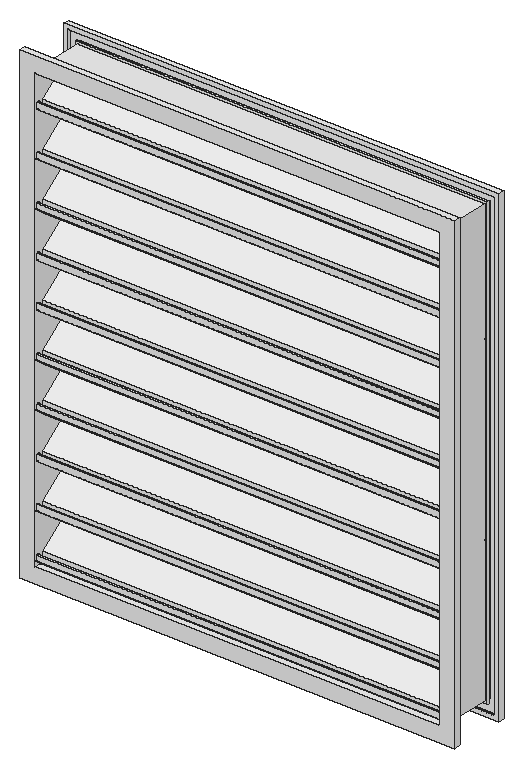
Revit family
Parameters (values of type "OHL-C-D")
  URL = "http://www.productspec.net/products/18507/holyoake-industries-ltd/drainable-louver-ohl-f-d.aspx"
  Type Comments = "Drainable Louver in Channel Surround"
  Technical Data = "http://www.collate.co.nz/nas/TechnicalFiles/2367/p18505/Section%20F%20-Outside%20Louvers.pdf"
  Ownership = "Holyoake Industries Limited"
  Overall Opening = Exact Neck Height - 50.80 mm  # 749.20 mm
  Overall Depth = 38.30 mm
  Nominal Width = 741.00 mm
  Nominal Height = 806.00 mm
  Model = "OHL-C-D"
  Manufacturer = "Holyoake Industries Limited"
  Keynote = ""
  Channel Width = 25.40 mm
  Channel Thickness = 103.20 mm
  Exact Neck Width = Nominal Width - 6.00 mm  # 735.00 mm
  Exact Neck Height = Nominal Height - 6.00 mm  # 800.00 mm
  Description = "Holyoake Outside Drainable Louver"
  Created By = "Productspec Limited"
  Frame & Blades = Aluminium
  Top Blade Height = Overall Opening - Blade Cut Setout  # 63.40 mm
  Connector Width = Exact Neck Width - 74.80 mm  # 660.20 mm
  Connector Height = Exact Neck Height - 74.80 mm  # 725.20 mm
  Blade Width = 99.00 mm
  Blade Pitch = 76.20 mm
  Blade Offset = (Channel Thickness - Blade Width) / 2  # 2.10 mm
  Blade Length = Exact Neck Width - 50.80 mm  # 684.20 mm
  Blade Height = 92.68 mm
  Blade Cut Setout = Blade Count * Blade Pitch  # 685.80 mm
  Blade Count = Blade Array Count - 1  # 9
  Blade Array Count = Overall Opening / Blade Pitch  # 9.832
  Author = "Zinder Zhao"
  Assembly Code = ""
  Accessories = "Aluminium Bird mesh or insect mesh (fibreglass)"
Reference planes
  plane 1 "Centre": y = 0
  plane 2: z = 25.4
  plane 3 "Center (Left/Right)": x = -20.2
  plane 4 "Overall Opening": z = 774.6
  plane 5: y = 103.2
  plane 6: z = 101.6
  plane 7: x = -390.7
  plane 8: x = 347.3
  plane 9: x = 350.3
  plane 10: x = -387.7
  plane 11: z = 800
  plane 12: z = 803
  plane 13: z = 400
  plane 14: z = 118.08
  plane 15 "Cut Blade Setout": z = 711.2
  plane 16 "Blade Offset": y = 2.1
  plane 17: z = 0
  plane 18: y = 101.1
  plane 19: z = -3
  plane 20: z = 762.6
  plane 21: z = 37.4
  plane 22: x = -350.3
  plane 23: x = 309.9
  plane 24: x = -362.3
  plane 25: x = 321.9
Forms (mm)
  Sweep 1, solid, material "Aluminium" <- "Frame & Blades", detail levels fine
    path origin (0, 0, 0) x (1, 0, 0) y (0, 0, 1)
      loop
        line (321.9, 25.4) -> (321.9, 774.6) -> (-362.3, 774.6) -> (-362.3, 25.4) -> (321.9, 25.4)
    profile "Holyoake_OutsideLouvre_OHL-102_Channel_profile : OHL-102 Channel Profile" origin (321.9, 0, 400) x (-1, 0, 0) y (0, -1, 0)
      loop
        line (12, -103.2) -> (12, -101.6) -> (0, -101.6) -> (0, 0) -> (-25.4, 0) -> (-25.4, -10.6) -> (-18.8, -10.6) -> (-18.8, -7.5) -> (-22.2, -7.5) -> (-22.2, -1.9) -> (-3.2, -1.9) -> (-3.2, -7.5) -> (-6.1, -7.5) -> (-6.1, -10.6) -> (-2.3, -10.6) -> (-2.3, -92.9) -> (-6.1, -92.9) -> (-6.1, -95.7) -> (-3.2, -95.7) -> (-3.2, -101.3) -> (-22.2, -101.3) -> (-22.2, -95.7) -> (-18.8, -95.7) -> (-18.8, -92.9) -> (-25.4, -92.9) -> (-25.4, -103.2) -> (12, -103.2)
  Extrusion 2, solid, material "Aluminium" <- "Frame & Blades", detail levels coarse+medium
    sketch origin (0, 0, 0) x (1, 0, 0) y (0, 1, 0)
      loop
        line (-387.7, 103.2) -> (-387.7, 2.1) -> (347.3, 2.1) -> (347.3, 103.2) -> (-387.7, 103.2)
    from 0 to 800
Dimensions and locks
  "Overall Opening": plane 4 "Overall Opening" to plane 2
  "Blade Pitch": plane 6 to plane 2
  "Blade Cut Setout": plane 15 "Cut Blade Setout" to plane 2
  locked: plane 7 to plane 10 at 3
  locked: plane 12 to plane 11 at 3
  equal spacing: plane 10, plane 3 "Center (Left/Right)", plane 8
  "Exact Neck Width": plane 10 to plane 8
  "Nominal Width": plane 7 to plane 9
  "Blade Length": plane 24 to plane 25
  "Channel Thickness": plane 5 to plane 1 "Centre"
  equal spacing: plane 11, plane 13, plane 17
  "Exact Neck Height": plane 11 to plane 17
  "Nominal Height": plane 12 to plane 19
  "Channel Width": plane 10 to plane 24
  "Channel Width": plane 11 to plane 4 "Overall Opening"
  "Connector Height": plane 21 to plane 20
  "Connector Width": plane 22 to plane 23
  "Blade Offset": plane 16 "Blade Offset" to plane 1 "Centre"
  locked: plane 24 to plane 22 at 12
  locked: plane 4 "Overall Opening" to plane 20 at 12
  "Blade Width": plane 18 to plane 16 "Blade Offset"
  "Blade Height": plane 14 to plane 2
  equal spacing: group 1, group 2, group 3, group 4, group 5, group 6, group 7, group 8, group 9  (x3)
  aligned and locked: plane 4 "Overall Opening" to Sweep 1 sketch curve
  aligned and locked: Sweep 1 sketch curve to plane 2
  aligned and locked: Sweep 1 to plane 4 "Overall Opening"
  aligned and locked: plane 2 to Sweep 1
  aligned and locked: Sweep 1 to plane 2  (x2)
  aligned and locked: Sweep 1 to plane 20
  aligned and locked: plane 21 to Sweep 1  (x3)
  aligned and locked: plane 10 to Sweep 1
  aligned and locked: plane 8 to Sweep 1
  aligned and locked: plane 5 to Sweep 1
  aligned and locked: plane 25 to Sweep 1
  aligned and locked: plane 24 to Sweep 1
  aligned and locked: plane 11 to Sweep 1
  aligned and locked: plane 17 to Sweep 1
  aligned and locked: plane 16 "Blade Offset" to nested 1  (x2)
  aligned and locked: plane 20 to Sweep 1  (x3)
  aligned and locked: plane 24 to Sweep 1 sketch curve
  aligned and locked: Sweep 1 sketch curve to plane 25
  aligned and locked: Sweep 1 to plane 21
  aligned and locked: plane 22 to Sweep 1
  aligned and locked: plane 23 to Sweep 1
  aligned and locked: Sweep 1 to plane 23
  aligned and locked: nested 1 to plane 15 "Cut Blade Setout"
  aligned and locked: nested 2 to plane 2
  aligned and locked: nested 2 to plane 16 "Blade Offset"
  aligned and locked: plane 18 to nested 2
  aligned and locked: plane 14 to nested 2
  aligned and locked: nested 3 to plane 6
  aligned and locked: nested 3 to plane 16 "Blade Offset"
  aligned and locked: plane 18 to nested 3
  aligned and locked: nested 4 to plane 16 "Blade Offset"
  aligned and locked: level to plane 17
  aligned and locked: nested 1 to plane 4 "Overall Opening"
  aligned and locked: Extrusion 2 sketch curve to Sweep 1  (x2)
  aligned and locked: plane 16 "Blade Offset" to Extrusion 2 sketch curve
  aligned and locked: Extrusion 2 sketch curve to plane 8
  aligned and locked: Extrusion 2 to plane 17
  aligned and locked: plane 11 to Extrusion 2
Nested families
  nested 1: "Holyoake_OutsideLouvre_OHL-D_BladeCutted" at (-20.2, 2.1, 711.2), type "OHL-D BladeCutted", detail levels fine
    with Length 684.20 mm, Blade Cut Setout 63.40 mm
  nested 2: "Holyoake_OutsideLouvre_OHL-D_Blade" at (-20.2, 2.1, 25.4), type "OHL-D", detail levels medium+fine
    with Length 684.20 mm
  nested 3: "Holyoake_OutsideLouvre_OHL-D_Blade" at (-20.2, 2.1, 101.6), type "OHL-D", detail levels medium+fine
    with Length 684.20 mm
  nested 4: "Holyoake_OutsideLouvre_OHL-D_Blade" at (-20.2, 2.1, 177.8), type "OHL-D", detail levels medium+fine
    with Length 684.20 mm
  nested 5: "Holyoake_OutsideLouvre_OHL-D_Blade" at (-20.2, 2.1, 254), type "OHL-D", detail levels medium+fine
    with Length 684.20 mm
  nested 6: "Holyoake_OutsideLouvre_OHL-D_Blade" at (-20.2, 2.1, 330.2), type "OHL-D", detail levels medium+fine
    with Length 684.20 mm
  nested 7: "Holyoake_OutsideLouvre_OHL-D_Blade" at (-20.2, 2.1, 406.4), type "OHL-D", detail levels medium+fine
    with Length 684.20 mm
  nested 8: "Holyoake_OutsideLouvre_OHL-D_Blade" at (-20.2, 2.1, 482.6), type "OHL-D", detail levels medium+fine
    with Length 684.20 mm
  nested 9: "Holyoake_OutsideLouvre_OHL-D_Blade" at (-20.2, 2.1, 558.8), type "OHL-D", detail levels medium+fine
    with Length 684.20 mm
  nested 10: "Holyoake_OutsideLouvre_OHL-D_Blade" at (-20.2, 2.1, 635), type "OHL-D", detail levels medium+fine
    with Length 684.20 mm
Connectors
  hvac at (-20.2, 103.2, 400), driven by "Connector Height", driven by "Connector Width"
    settings: on Sweep 1, index 1
Definition of nested family "Holyoake_OutsideLouvre_OHL-D_BladeCutted"
  Parameters (values of type "OHL-D BladeCutted")
    Width = 99.00 mm
    URL = "http://www.productspec.net/products/18507/holyoake-industries-ltd/drainable-louver-ohl-f-d.aspx"
    Type Comments = "Drainable Louver Blade"
    Ownership = "Holyoake Industries Ltd"
    Model = "OHL-D"
    Manufacturer = "Holyoake Industries Ltd"
    Length = 683.00 mm
    Height = 92.68 mm
    Created By = "Productspec Ltd"
    Blade Cut Setout = 67.20 mm
    Blade = Aluminium
    Author = "Zinder Zhao"
    Assembly Code = ""
  Reference planes
    plane 1 "Center (Front/Back)": y = 0
    plane 2: z = 0
    plane 3 "Center (Left/Right)": x = 0
    plane 4 "Left": x = -341.5
    plane 5 "Right": x = 341.5
    plane 6: z = 92.68
    plane 7: y = 99
    plane 8: z = 67.2
  Forms (mm)
    Sweep 1, solid, material "Aluminium" <- "Blade", detail levels fine
      path origin (0, 0, 0) x (1, 0, 0) y (0, 1, 0)
        loop
          line (-341.5, 0) -> (341.5, 0)
      profile "Holyoake_OutsideLouvre_OHL-F-D_Blade_profile : OHL-F-D Blade Profile" origin (0, 0, 0) x (0, 1, 0) y (0, 0, 1)
        loop
          line (0, 8.311) -> (10.638, 0) -> (11.673, 0) -> (13.66, 11.315) -> (13.66, 17.552) -> (99, 83.036) -> (99, 84.549) -> (88.592, 92.68) -> (86.643, 92.68) -> (98.017, 83.794) -> (12.46, 18.144) -> (12.46, 11.419) -> (10.712, 1.465) -> (1.2, 8.896) -> (1.2, 17.952) -> (1.639, 18.711) -> (0.599, 19.311) -> (0, 18.273) -> (0, 8.311)
    Extrusion 2, void
      sketch origin (0, 0, 0) x (0, 1, 0) y (0, 0, 1)
        loop
          line (99, 67.2) -> (99, 144.804) -> (0, 144.804) -> (0, 67.2) -> (99, 67.2)
      from -341.5 to 341.5
  Cuts and joins
    Extrusion 2 cuts Sweep 1
  Dimensions and locks
    equal spacing: plane 4 "Left", plane 3 "Center (Left/Right)", plane 5 "Right"
    "Length": plane 4 "Left" to plane 5 "Right"
    "Width": plane 7 to plane 1 "Center (Front/Back)"
    "Height": plane 6 to plane 2
    "Blade Cut Setout": plane 8 to plane 2
    aligned and locked: plane 1 "Center (Front/Back)" to Sweep 1 sketch curve
    aligned and locked: plane 4 "Left" to Sweep 1
    aligned and locked: plane 5 "Right" to Sweep 1
    aligned and locked: plane 1 "Center (Front/Back)" to Sweep 1
    aligned and locked: Sweep 1 to plane 2
    aligned and locked: Sweep 1 to plane 7
    aligned and locked: plane 7 to Extrusion 2 sketch curve
    aligned and locked: Extrusion 2 sketch curve to plane 1 "Center (Front/Back)"
    aligned and locked: Extrusion 2 to plane 4 "Left"
    aligned and locked: plane 5 "Right" to Extrusion 2
    aligned and locked: plane 8 to cut or joined group of Sweep 1, Extrusion 2
  Automatic sketch dimensions
    Sweep 1 sketch curve to plane 4 "Left" = 0.00 mm
    Sweep 1 sketch curve to plane 5 "Right" = 0.00 mm
    Extrusion 2 sketch curve to plane 6 = 25.48 mm
    plane 6 to Extrusion 2 sketch curve = 52.124 mm
Definition of nested family "Holyoake_OutsideLouvre_OHL-D_Blade"
  Parameters (values of type "OHL-D")
    Width = 99.00 mm
    URL = "http://www.productspec.net/products/18507/holyoake-industries-ltd/drainable-louver-ohl-f-d.aspx"
    Type Comments = "Drainable Louver Blade"
    Ownership = "Holyoake Industries Ltd"
    Model = "OHL-D"
    Manufacturer = "Holyoake Industries Ltd"
    Length = 683.00 mm
    Height = 92.68 mm
    Created By = "Productspec Ltd"
    Blade = Aluminium
    Author = "Zinder Zhao"
    Assembly Code = ""
  Reference planes
    plane 1 "Center (Front/Back)": y = 0
    plane 2: z = 0
    plane 3 "Center (Left/Right)": x = 0
    plane 4: x = -341.5
    plane 5: x = 341.5
    plane 6: z = 92.68
    plane 7: y = 99
  Forms (mm)
    Sweep 1, solid, material "Aluminium" <- "Blade", detail levels fine
      path origin (0, 0, 0) x (1, 0, 0) y (0, 1, 0)
        loop
          line (-341.5, 0) -> (341.5, 0)
      profile "Holyoake_OutsideLouvre_OHL-F-D_Blade_profile : OHL-F-D Blade Profile" origin (0, 0, 0) x (0, 1, 0) y (0, 0, 1)
        loop
          line (0, 8.311) -> (10.638, 0) -> (11.673, 0) -> (13.66, 11.315) -> (13.66, 17.552) -> (99, 83.036) -> (99, 84.549) -> (88.592, 92.68) -> (86.643, 92.68) -> (98.017, 83.794) -> (12.46, 18.144) -> (12.46, 11.419) -> (10.712, 1.465) -> (1.2, 8.896) -> (1.2, 17.952) -> (1.639, 18.711) -> (0.599, 19.311) -> (0, 18.273) -> (0, 8.311)
  Dimensions and locks
    equal spacing: plane 4, plane 3 "Center (Left/Right)", plane 5
    "Length": plane 4 to plane 5
    "Width": plane 7 to plane 1 "Center (Front/Back)"
    "Height": plane 6 to plane 2
    aligned and locked: plane 1 "Center (Front/Back)" to Sweep 1 sketch curve
  Automatic sketch dimensions
    Sweep 1 sketch curve to plane 4 = 0.00 mm
    Sweep 1 sketch curve to plane 5 = 0.00 mm
